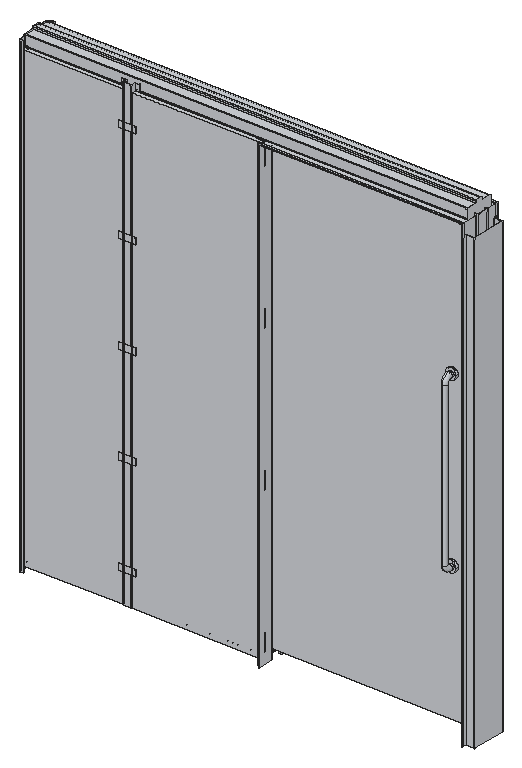
Revit family "BOS-LineaCompact-Sino-olSidW_MW_Familie", category Türen, Revit 2017
Family settings
  Basisbauteil = Wand
  Immer vertikal = Ja
  Beim Laden mit Abzugskörper schneiden = Nein
  Gemeinsam genutzt = Nein
  Raumberechnungspunkt = Ja
Parameters (values of type "olSidW mit ALU 80 BOS Holz")
  Schloßkasten [instance] = yes
  Profil gespiegelt [instance] = DIN links   DIN Left  # no
  Türblatt mittig [instance] = yes
  Stoßgriffdurchmesser [instance] = 24 mm  # constant formula
  Türblatteinstand vorne = 13 mm  # constant formula
  Türblatteinstand hinten = 36 mm  # constant formula
  Türblatt geöffnet in ...% LDB [instance] = ((LDB effektiv Lichte Durchgangs Breite effektiv   Real Clearance Width * Türblatt geöffnet in ...% LDB effektiv) * 100 mm / 100 mm) / LDB Lichte Durchgangs Breite   Clearance Width  # 0
  Türblatt geöffnet in ...% LDB effektiv  Doorleaf opened in ...% Real Clearance Width [instance] = 0
  Variante - Auswahl [instance] = if(Standardmaße, "Standardmaße", "Sondermaße")  # "Standardmaße"
  Türgriffabstand   Door handle offset [instance] = 120 mm
  Türgriff - Auswahl [instance] = if(Stoßgriffe, "Stoßgriffe", "Muschelgriffe")  # "Stoßgriffe"
  Türgriffabstand min. [instance] = 99 mm  # constant formula
  Türgriffabstand max. [instance] = 150 mm  # constant formula
  Türblatt geöffnet in ...% LDB effektiv [instance] = if(Türblatt geöffnet in ...% LDB effektiv  Doorleaf opened in ...% Real Clearance Width < 0, 0, if(Türblatt geöffnet in ...% LDB effektiv  Doorleaf opened in ...% Real Clearance Width > 100, 100, Türblatt geöffnet in ...% LDB effektiv  Doorleaf opened in ...% Real Clearance Width))  # 0
  Spiegel vorne min. = 4 mm  # constant formula
  Spiegel vorne max. = 4 mm  # constant formula
  Spiegel hinten min. = 4 mm  # constant formula
  Spiegel hinten max. = 4 mm  # constant formula
  RNH Rohbau_Nennmaß_Höhe   Nominal Wall Opening Height Measurement [instance] = LDH Lichte Durchgangs Höhe + 68.5 mm + 5 mm  # 2213.5 mm
  RNB rechts [instance] = if(DIN links   DIN Left, RNB Rohbau_Nennmaß_Breite   Nominal Wall Opening Width Measurement - ((LDB Lichte Durchgangs Breite   Clearance Width / 2) + Einfügepunkt), (LDB Lichte Durchgangs Breite   Clearance Width / 2) + Einfügepunkt)  # 521.5 mm
  RNB links [instance] = if(DIN rechts   DIN Right, RNB Rohbau_Nennmaß_Breite   Nominal Wall Opening Width Measurement - ((LDB Lichte Durchgangs Breite   Clearance Width / 2) + Einfügepunkt), (LDB Lichte Durchgangs Breite   Clearance Width / 2) + Einfügepunkt)  # 1598.5 mm
  RNB Rohbau_Nennmaß_Breite   Nominal Wall Opening Width Measurement [instance] = AMB Außenmaß_Breite   Overall Width Measurement + (2 * 5 mm) + 2 mm + 3.5 mm  # 2120 mm
  Putzwinkel min. = 3 mm  # constant formula
  Putzwinkel max. = 3 mm  # constant formula
  Material - Bürstendichtung = none
  Material - Bauplatte = none
  Laufkastenabstand rechts [instance] = if(DIN links   DIN Left, 9 mm, 50 mm)  # 50 mm
  Laufkastenabstand links [instance] = if(DIN rechts   DIN Right, 9 mm, 50 mm)  # 9 mm
  LDH effektiv Lichte Durchgangs Höhe effektiv   Real Clearance Height [instance] = if(Standardmaße, if(Standardmaß LDH effektiv Lichte Durchgangs Höhe effektiv   Standard Real Clearance Height < 2, 1985 mm, 2110 mm), if(Sondermaß LDH effektiv Lichte Durchgangs Höhe effektiv   Special Real Clearance Height < LDH effektiv min., LDH effektiv min., if(Sondermaß LDH effektiv Lichte Durchgangs Höhe effektiv   Special Real Clearance Height > LDH effektiv max., LDH effektiv max., Sondermaß LDH effektiv Lichte Durchgangs Höhe effektiv   Special Real Clearance Height)))  # 2110 mm
  LDH Lichte Durchgangs Höhe [instance] = LDH effektiv Lichte Durchgangs Höhe effektiv   Real Clearance Height + 30 mm  # 2140 mm
  Klemmschutzabstand [instance] = 50 mm  # constant formula
  GT3 min. [instance] = 45.5 mm + Putzwinkel vorne  # 48.5 mm
  GT3 max. [instance] = GT Gesamttiefe_Zarge   Total Profile Depth - 54 mm - GT2 min.  # 103.5 mm
  GT3 Gesamttiefe   Total Profile Depth 3 [instance] = GT Gesamttiefe_Zarge   Total Profile Depth - 54 mm - GT2 Gesamttiefe  # 76 mm
  GT3 Gesamttiefe [instance] = GT3 Gesamttiefe   Total Profile Depth 3  # 76 mm
  GT2 min. [instance] = 45.5 mm + Putzwinkel vorne  # 48.5 mm
  GT2 Gesamttiefe Zarge   Total Profile Depth 2 [instance] = 48.5 mm
  GT2 Gesamttiefe [instance] = if(Türblatt mittig, (GT Gesamttiefe_Zarge   Total Profile Depth - 54 mm) / 2, if(GT2 Gesamttiefe Zarge   Total Profile Depth 2 < GT2 min., GT2 min., if(GT2 Gesamttiefe Zarge   Total Profile Depth 2 > GT2 max., GT2 max., GT2 Gesamttiefe Zarge   Total Profile Depth 2)))  # 76 mm
  GT2 max. [instance] = GT Gesamttiefe_Zarge   Total Profile Depth - 54 mm - GT3 min.  # 103.5 mm
  Material - Türblatt = none
  LDB effektiv Lichte Durchgangs Breite effektiv   Real Clearance Width [instance] = LDB Lichte Durchgangs Breite   Clearance Width - if(Stoßgriffe, [Türblatteinstand (Griff)], 0 mm)  # 754 mm
  Einfügepunkt = 53.5 mm  # constant formula
  Bürstendichtungsabstand [instance] = (LDB Lichte Durchgangs Breite   Clearance Width / 2) + 16 mm  # 484 mm
  Bürstendichtung = Glastürblatt  # no
  Aussteifungsprofilversatz rechts = Einfügepunkt  # 53.5 mm
  Aussteifungsprofilversatz links = -Einfügepunkt  # -53.5 mm
  ALU 100 BOS = or(olSidW mit ALU 100 BOS Holz, olSidW mit ALU 100 BOS Glas)  # no
  ALU 80 BOS = or(olSidW mit ALU 80 BOS Holz, olSidW mit ALU 80 BOS Glas)  # yes
  Profilblechstärke = 2 mm  # constant formula
  Zargenblechstärke = 2 mm  # constant formula
  Türblatteinstand (Griff) [instance] = if(Muschelgriffe, 0 mm, Türgriffabstand + Klemmschutzabstand + Stoßgriffdurchmesser / 2)  # 182 mm
  Türgriffabstand [instance] = if(Türgriffabstand   Door handle offset < Türgriffabstand min., Türgriffabstand min., if(Türgriffabstand   Door handle offset > Türgriffabstand max., Türgriffabstand max., Türgriffabstand   Door handle offset))  # 120 mm
  Türblattreferenz [instance] = if(DIN rechts   DIN Right, [Türblatteinstand (Griff)], LDB Lichte Durchgangs Breite   Clearance Width + Türblatteinstand hinten) + ((LDB Lichte Durchgangs Breite   Clearance Width + Türblatteinstand vorne - [Türblatteinstand (Griff)]) * if(DIN rechts   DIN Right, 100 - Türblatt geöffnet in ...% LDB effektiv, Türblatt geöffnet in ...% LDB effektiv) / 100)  # 949 mm
  Türblattabstand unten [instance] = 10 mm  # constant formula
  TAH Türblatt_Außenmaß_Höhe   Door Leaf Overall Height Measurement [instance] = LDH effektiv Lichte Durchgangs Höhe effektiv   Real Clearance Height  # 2110 mm
  TAH Türblatt Außenmaß Höhe [instance] = TAH Türblatt_Außenmaß_Höhe   Door Leaf Overall Height Measurement  # 2110 mm
  TAB Türblatt_Außenmaß_Breite   Door Leaf Overall Width Measurement [instance] = LDB Lichte Durchgangs Breite   Clearance Width + 49 mm  # 985 mm
  TAB Türblatt Außenmaß Breite [instance] = TAB Türblatt_Außenmaß_Breite   Door Leaf Overall Width Measurement  # 985 mm
  olSidW mit ALU 80 BOS Holz = yes
  Stoßgrifflänge [instance] = 800 mm  # constant formula
  Stoßgriffe [instance] = yes
  Standardmaße [instance] = yes
  Sondermaße [instance] = not(Standardmaße)  # no
  Putzwinkel vorne   Backbend Front [instance] = 3 mm  # constant formula
  Putzwinkel hinten   Backbend Back [instance] = 3 mm  # constant formula
  olSidW mit ALU 80 BOS Glas = no
  olSidW mit ALU 100 BOS Holz = no
  Wandstärke   Wall Thickness [instance] = 200 mm
  Muschelgriffe [instance] = not(Stoßgriffe)  # no
  Material - Türgriff = none
  Material - Laufschiene = none
  Material - Führungszapfen = none
  LDB Lichte Durchgangs Breite   Clearance Width [instance] = if(Standardmaße, if(Standardmaß LDB Lichte Durchgangs Breite   Standard Clearance Width < 2, 561 mm, if(Standardmaß LDB Lichte Durchgangs Breite   Standard Clearance Width = 2, 686 mm, if(Standardmaß LDB Lichte Durchgangs Breite   Standard Clearance Width = 3, 811 mm, if(Standardmaß LDB Lichte Durchgangs Breite   Standard Clearance Width = 4, 936 mm, 1061 mm)))), if(Sondermaß LDB Lichte Durchgangs Breite   Special Clearance Width < LDB min., LDB min., if(Sondermaß LDB Lichte Durchgangs Breite   Special Clearance Width > LDB max., LDB max., Sondermaß LDB Lichte Durchgangs Breite   Special Clearance Width)))  # 936 mm
  Holztürblattstärke = 40 mm  # constant formula
  Holztürblatt = or(olSidW mit ALU 80 BOS Holz, olSidW mit ALU 100 BOS Holz)  # yes
  Glastürblattstärke = 8 mm  # constant formula
  Glastürblatt = or(olSidW mit ALU 80 BOS Glas, olSidW mit ALU 100 BOS Glas)  # no
  URL = "www.BestOfSteel.de/stahlzargen/zargen-fuer-schiebetueren/lineacompact/lineacompact/"
  Türblattstärke [instance] = if(Holztürblatt, Holztürblattstärke, Glastürblattstärke)  # 40 mm
  Spiegel vorne   Architrave Front [instance] = 4 mm  # constant formula
  Spiegel vorne [instance] = if(Spiegel vorne   Architrave Front < Spiegel vorne min., Spiegel vorne min., if(Spiegel vorne   Architrave Front > Spiegel vorne max., Spiegel vorne max., Spiegel vorne   Architrave Front))  # 4 mm
  Spiegel hinten   Architrave Back [instance] = 4 mm  # constant formula
  Spiegel hinten [instance] = if(Spiegel hinten   Architrave Back < Spiegel hinten min., Spiegel hinten min., if(Spiegel hinten   Architrave Back > Spiegel hinten max., Spiegel hinten max., Spiegel hinten   Architrave Back))  # 4 mm
  Rough Height = 0 mm  # constant formula
  Rough Width = 0 mm  # constant formula
  Rechtliche Hinweise [instance] = "www.BestOfSteel.de/tools-downloads/bim-building-information-modeling/"
  Putzwinkel vorne [instance] = if(Putzwinkel vorne   Backbend Front < Putzwinkel min., Putzwinkel min., if(Putzwinkel vorne   Backbend Front > Putzwinkel max., Putzwinkel max., Putzwinkel vorne   Backbend Front))  # 3 mm
  Putzwinkel hinten [instance] = if(Putzwinkel hinten   Backbend Back < Putzwinkel min., Putzwinkel min., if(Putzwinkel hinten   Backbend Back > Putzwinkel max., Putzwinkel max., Putzwinkel hinten   Backbend Back))  # 3 mm
  olSidW mit ALU 100 BOS Glas = no
  Modell = "olSidW mit ALU 80 BOS Holz"
  Material - Zarge = none
  Material = "grundiert, feuerverzinktes Feinblech nach DIN EN 10143"
  MW min. = 145 mm  # constant formula
  MW max. = 330 mm  # constant formula
  MW Maulweite   Receiving Opening [instance] = if(Wandstärke   Wall Thickness < MW min., MW min., if(Wandstärke   Wall Thickness > MW max., MW max., Wandstärke   Wall Thickness))  # 200 mm
  Information in English = no
  Info-Texte sichtbar = yes
  Height [instance] = RNH Rohbau_Nennmaß_Höhe   Nominal Wall Opening Height Measurement  # 2213.5 mm
  Hersteller = "BOS GmbH Best Of Steel, Lütkenfelde 4, D-48282 Emsdetten"
  GT min. [instance] = MW min. + Putzwinkel vorne + Putzwinkel hinten  # 151 mm
  GT max. [instance] = MW max. + Putzwinkel vorne + Putzwinkel hinten  # 336 mm
  GT Gesamttiefe_Zarge   Total Profile Depth [instance] = MW Maulweite   Receiving Opening + Putzwinkel vorne + Putzwinkel hinten  # 206 mm
  MW Fehler [instance] = or(Wandstärke   Wall Thickness < MW min., Wandstärke   Wall Thickness > MW max.)  # no
  Funktion = Innen
  LDH effektiv min. = 1985 mm  # constant formula
  LDH effektiv max. = 2433 mm  # constant formula
  LDB min. = 561 mm  # constant formula
  LDB max. = 1186 mm  # constant formula
  Türgriff DIN rechts [instance] = DIN rechts   DIN Right  # yes
  Türgriff DIN links [instance] = DIN links   DIN Left  # no
  Dicke = 0 mm  # constant formula
  DIN rechts   DIN Right [instance] = yes
  DIN links   DIN Left [instance] = not(DIN rechts   DIN Right)  # no
  DIN Richtung [instance] = if(DIN links   DIN Left, "DIN links", "DIN rechts")  # "DIN rechts"
  Width = 0 mm  # constant formula
  Beschreibung = "Schiebetürzarge für in der Wand laufende Schiebetüren (LineaCompact Sino) für Mauerwerk"
  Bauelement = "BOS Stahlzarge"
  BOS-Architekten-Beratung = "Tel.: +49 (0) 2572 203-203; E-Mail: architekten@BestOfSteel.de"
  BE Bodeneinstand   Foundation Bedding [instance] = 30 mm
  BE Bodeneinstand [instance] = if(BE Bodeneinstand   Foundation Bedding < 0 mm, 0 mm, if(BE Bodeneinstand   Foundation Bedding > BE max., BE max., BE Bodeneinstand   Foundation Bedding))  # 30 mm
  BE max. = 100 mm  # constant formula
  Standardmaß LDH effektiv Lichte Durchgangs Höhe effektiv   Standard Real Clearance Height [instance] = 2
  Sondermaß LDH effektiv Lichte Durchgangs Höhe effektiv   Special Real Clearance Height [instance] = 2110 mm
  Sondermaß LDB Lichte Durchgangs Breite   Special Clearance Width [instance] = 936 mm
  Standardmaß LDB Lichte Durchgangs Breite   Standard Clearance Width [instance] = 4
  Technische Infos rund um die Stahlzarge = "www.BestOfSteel.de/tools-downloads/technische-infos-rund-um-die-stahlzarge/"
  AMH Außenmaß_Höhe   Overall Height Measurement [instance] = LDH Lichte Durchgangs Höhe + 61.5 mm  # 2201.5 mm
  AMB Außenmaß_Breite   Overall Width Measurement [instance] = (2 * LDB Lichte Durchgangs Breite   Clearance Width) + 232.5 mm  # 2104.5 mm
  AK2 rechts [instance] = LDB Lichte Durchgangs Breite   Clearance Width / 2 + if(DIN rechts   DIN Right, 0 mm, 50 mm)  # 468 mm
  AK2 links [instance] = LDB Lichte Durchgangs Breite   Clearance Width / 2 + if(DIN rechts   DIN Right, 50 mm, 0 mm)  # 518 mm
  AK1 rechts [instance] = LDB Lichte Durchgangs Breite   Clearance Width / 2 + if(DIN rechts   DIN Right, 50 mm, 0 mm)  # 518 mm
  AK1 links [instance] = LDB Lichte Durchgangs Breite   Clearance Width / 2 + if(DIN rechts   DIN Right, 0 mm, 50 mm)  # 468 mm
  2. Profil für Bauplatten [instance] = LDB Lichte Durchgangs Breite   Clearance Width > 1061 mm  # no
  1. Profil für Bauplatten [instance] = 1 < 2  # yes
Reference planes
  plane 1 "Wand": y = 0
  plane 2 "Mitte (Links/rechts)": x = 125
  plane 3 "Hinten": y = 100
  plane 4 "Vorne": y = -100
  plane 5 "RRB links": x = -1473.5
  plane 6 "RRB rechts": x = 646.5
  plane 7 "RRH oben": z = 2213.5
  plane 8 "BE": z = -30
  plane 9 "LDH oben": z = 2140
  plane 10 "BE max.": z = -100
  plane 11 "LDB links": x = -343
  plane 12 "LDB rechts": x = 593
  plane 13 "+41": z = 2181
  plane 14: z = 70
  plane 15: z = 743.333
  plane 16: z = 1416.667
  plane 17: z = 2090
  plane 18: z = 150
  plane 19: z = 610
  plane 20: z = 1070
  plane 21: z = 1530
  plane 22: z = 1990
Forms (mm)
  Sweep 1, void
    path origin (0, -100, 0) x (-1, 0, 0) y (0, 0, 1)
      loop
        line (-125, 0) -> (-125, 2142)
    profile "BOS-AK-olSidW-MW_Profil : BOS-AK-olSidW-MW_Profil" origin (125, -100, 1071) x (1, 0, 0) y (0, 1, 0)
      loop
        line (470, 130) -> (470, 193) -> (472, 193) -> (475, 200) -> (-475, 200) -> (-472, 193) -> (-472, 190)
        arc (-472, 190) -> (-472.293, 189.293) -> (-473, 189) r 1
        line (-473, 189) -> (-485, 189) -> (-485, 187) -> (-1571.468, 187) -> (-1571.468, 189) -> (-1588.468, 189)
        arc (-1588.468, 189) -> (-1590.589, 188.121) -> (-1591.468, 186) r 3
        line (-1591.468, 186) -> (-1591.468, 14)
        arc (-1591.468, 14) -> (-1590.589, 11.879) -> (-1588.468, 11) r 3
        line (-1588.468, 11) -> (-1571.468, 11) -> (-1571.468, 13) -> (-485, 13) -> (-485, 11) -> (-473, 11)
        arc (-473, 11) -> (-472.293, 10.707) -> (-472, 10) r 1
        line (-472, 10) -> (-472, 7) -> (-475, 0) -> (475, 0) -> (472, 7) -> (470, 7) -> (470, 70)
        arc (470, 70) -> (470.293, 70.707) -> (471, 71) r 1
        line (471, 71) -> (482, 71)
        arc (482, 71) -> (484.121, 71.879) -> (485, 74) r 3
        line (485, 74) -> (485, 126)
        arc (485, 126) -> (484.121, 128.121) -> (482, 129) r 3
        line (482, 129) -> (471, 129)
        arc (471, 129) -> (470.293, 129.293) -> (470, 130) r 1
  Sweep 2, solid, material <- "Material - Zarge", detail levels fine
    path origin (0, -100, 0) x (-1, 0, 0) y (0, 0, 1)
      loop
        line (-125, 0) -> (-125, 2171)
    profile "BOS-Profil-Bauplatten-(o)lSidW-MW_Profil : BOS-Profil-Bauplatten-(o)lSidW-MW-1_Profil" origin (125, -100, 1085.5) x (1, 0, 0) y (0, 1, 0)
      loop
        arc (-1073, 35) -> (-1075.121, 34.121) -> (-1076, 32) r 3
        line (-1076, 32) -> (-1076, 16)
        arc (-1076, 16) -> (-1076.293, 15.293) -> (-1077, 15) r 1
        line (-1077, 15) -> (-1111, 15)
        arc (-1111, 15) -> (-1111.707, 15.293) -> (-1112, 16) r 1
        line (-1112, 16) -> (-1112, 32)
        arc (-1112, 32) -> (-1112.879, 34.121) -> (-1115, 35) r 3
        line (-1115, 35) -> (-1134, 35) -> (-1134, 33) -> (-1115, 33)
        arc (-1115, 33) -> (-1114.293, 32.707) -> (-1114, 32) r 1
        line (-1114, 32) -> (-1114, 16)
        arc (-1114, 16) -> (-1113.121, 13.879) -> (-1111, 13) r 3
        line (-1111, 13) -> (-1077, 13)
        arc (-1077, 13) -> (-1074.879, 13.879) -> (-1074, 16) r 3
        line (-1074, 16) -> (-1074, 32)
        arc (-1074, 32) -> (-1073.707, 32.707) -> (-1073, 33) r 1
        line (-1073, 33) -> (-1054, 33) -> (-1054, 35) -> (-1073, 35)
      loop
        arc (-1076, 168) -> (-1075.121, 165.879) -> (-1073, 165) r 3
        line (-1073, 165) -> (-1054, 165) -> (-1054, 167) -> (-1073, 167)
        arc (-1073, 167) -> (-1073.707, 167.293) -> (-1074, 168) r 1
        line (-1074, 168) -> (-1074, 184)
        arc (-1074, 184) -> (-1074.879, 186.121) -> (-1077, 187) r 3
        line (-1077, 187) -> (-1111, 187)
        arc (-1111, 187) -> (-1113.121, 186.121) -> (-1114, 184) r 3
        line (-1114, 184) -> (-1114, 168)
        arc (-1114, 168) -> (-1114.293, 167.293) -> (-1115, 167) r 1
        line (-1115, 167) -> (-1134, 167) -> (-1134, 165) -> (-1115, 165)
        arc (-1115, 165) -> (-1112.879, 165.879) -> (-1112, 168) r 3
        line (-1112, 168) -> (-1112, 184)
        arc (-1112, 184) -> (-1111.707, 184.707) -> (-1111, 185) r 1
        line (-1111, 185) -> (-1077, 185)
        arc (-1077, 185) -> (-1076.293, 184.707) -> (-1076, 184) r 1
        line (-1076, 184) -> (-1076, 168)
  Sweep 3, solid, material <- "Material - Zarge", detail levels fine
    path origin (0, -100, 0) x (-1, 0, 0) y (0, 0, 1)
      loop
        line (-125, -30) -> (-125, 2181)
    profile "BOS-Ständerprofil-(o)lSidW-MW_Profil : BOS-Ständerprofil-(o)lSidW-MW_Profil" origin (125, -100, 1075.5) x (1, 0, 0) y (0, 1, 0)
      loop
        arc (-1588.5, 189) -> (-1590.621, 188.121) -> (-1591.5, 186) r 3
        line (-1591.5, 186) -> (-1591.5, 14)
        arc (-1591.5, 14) -> (-1590.621, 11.879) -> (-1588.5, 11) r 3
        line (-1588.5, 11) -> (-1571.5, 11) -> (-1571.5, 13) -> (-1588.5, 13)
        arc (-1588.5, 13) -> (-1589.207, 13.293) -> (-1589.5, 14) r 1
        line (-1589.5, 14) -> (-1589.5, 186)
        arc (-1589.5, 186) -> (-1589.207, 186.707) -> (-1588.5, 187) r 1
        line (-1588.5, 187) -> (-1571.5, 187) -> (-1571.5, 189) -> (-1588.5, 189)
  Sweep 4, solid, material <- "Material - Zarge", detail levels medium+fine
    path origin (0, -100, 0) x (-1, 0, 0) y (0, 0, 1)
      loop
        line (343, -30) -> (343, 2140) -> (-593, 2140) -> (-593, -30)
    profile "BOS-olSidW-MW_Profil : BOS-olSidW-MW_Profil" origin (-343, -100, 1055) x (1, 0, 0) y (0, 1, 0)
      loop
        line (0, 130) -> (0, 200.984)
        arc (0, 200.984) -> (-2, 202.984) -> (-4, 200.984) r 2
        line (-4, 200.984) -> (-4, 190.002)
        arc (-4, 190.002) -> (-4.293, 189.295) -> (-5, 189.002) r 1
        line (-5, 189.002) -> (-17, 189.002) -> (-17, 187.002) -> (-5, 187.002)
        arc (-5, 187.002) -> (-2.879, 187.881) -> (-2, 190.002) r 3
        line (-2, 190.002) -> (-2, 130)
        arc (-2, 130) -> (-2.293, 129.293) -> (-3, 129) r 1
        line (-3, 129) -> (-14, 129)
        arc (-14, 129) -> (-16.121, 128.121) -> (-17, 126) r 3
        line (-17, 126) -> (-17, 74)
        arc (-17, 74) -> (-16.121, 71.879) -> (-14, 71) r 3
        line (-14, 71) -> (-3, 71)
        arc (-3, 71) -> (-2.293, 70.707) -> (-2, 70) r 1
        line (-2, 70) -> (-2, 10.002)
        arc (-2, 10.002) -> (-2.879, 12.123) -> (-5, 13.002) r 3
        line (-5, 13.002) -> (-17, 13.002) -> (-17, 11.002) -> (-5, 11.002)
        arc (-5, 11.002) -> (-4.293, 10.709) -> (-4, 10.002) r 1
        line (-4, 10.002) -> (-4, -1)
        arc (-4, -1) -> (-2, -3) -> (0, -1) r 2
        line (0, -1) -> (0, 70)
        arc (0, 70) -> (-0.879, 72.121) -> (-3, 73) r 3
        line (-3, 73) -> (-14, 73)
        arc (-14, 73) -> (-14.707, 73.293) -> (-15, 74) r 1
        line (-15, 74) -> (-15, 126)
        arc (-15, 126) -> (-14.707, 126.707) -> (-14, 127) r 1
        line (-14, 127) -> (-3, 127)
        arc (-3, 127) -> (-0.879, 127.879) -> (0, 130) r 3
  Sweep 5, void
    path origin (0, -30.348, 2140) x (-1, 0, 0) y (0, -1, 0)
      loop
        line (1464.5, -30.348) -> (-596.5, -30.348)
    profile "BOS-AK-Laufkasten-(o)lSidW-MW_Profil : BOS-AK-Laufkasten-(o)lSidW-MW_Profil" origin (-434, 0, 2140) x (0, 1, 0) y (0, 0, 1)
      loop
        arc (65, 47.5) -> (64.121, 49.621) -> (62, 50.5) r 3
        line (62, 50.5) -> (15, 50.5) -> (15, 60.5)
        arc (15, 60.5) -> (14.121, 62.621) -> (12, 63.5) r 3
        line (12, 63.5) -> (-12, 63.5)
        arc (-12, 63.5) -> (-14.121, 62.621) -> (-15, 60.5) r 3
        line (-15, 60.5) -> (-15, 50.5) -> (-62, 50.5)
        arc (-62, 50.5) -> (-64.121, 49.621) -> (-65, 47.5) r 3
        line (-65, 47.5) -> (-65, 5)
        arc (-65, 5) -> (-64.121, 2.879) -> (-62, 2) r 3
        line (-62, 2) -> (62, 2)
        arc (62, 2) -> (64.121, 2.879) -> (65, 5) r 3
        line (65, 5) -> (65, 47.5)
  Sweep 6, solid, material <- "Material - Zarge", detail levels fine
    path origin (0, -100, 0) x (-1, 0, 0) y (0, 0, 1)
      loop
        line (-125, 20) -> (-125, 120)
    profile "BOS-Verstärkungsprofile-olSidW_Profil : BOS-Verstärkungsprofile-olSidW_Profil" origin (125, -100, 70) x (1, 0, 0) y (0, 1, 0)
      loop
        arc (-1588.5, 168) -> (-1587.621, 165.879) -> (-1585.5, 165) r 3
        line (-1585.5, 165) -> (-1570.5, 165)
        arc (-1570.5, 165) -> (-1569.793, 164.707) -> (-1569.5, 164) r 1
        line (-1569.5, 164) -> (-1569.5, 36)
        arc (-1569.5, 36) -> (-1569.793, 35.293) -> (-1570.5, 35) r 1
        line (-1570.5, 35) -> (-1585.5, 35)
        arc (-1585.5, 35) -> (-1587.621, 34.121) -> (-1588.5, 32) r 3
        line (-1588.5, 32) -> (-1588.5, 13) -> (-1586.5, 13) -> (-1586.5, 32)
        arc (-1586.5, 32) -> (-1586.207, 32.707) -> (-1585.5, 33) r 1
        line (-1585.5, 33) -> (-1570.5, 33)
        arc (-1570.5, 33) -> (-1568.379, 33.879) -> (-1567.5, 36) r 3
        line (-1567.5, 36) -> (-1567.5, 164)
        arc (-1567.5, 164) -> (-1568.379, 166.121) -> (-1570.5, 167) r 3
        line (-1570.5, 167) -> (-1585.5, 167)
        arc (-1585.5, 167) -> (-1586.207, 167.293) -> (-1586.5, 168) r 1
        line (-1586.5, 168) -> (-1586.5, 187) -> (-1588.5, 187) -> (-1588.5, 168)
      loop
        arc (-470, 32) -> (-470.879, 34.121) -> (-473, 35) r 3
        line (-473, 35) -> (-510, 35) -> (-510, 33) -> (-473, 33)
        arc (-473, 33) -> (-472.293, 32.707) -> (-472, 32) r 1
        line (-472, 32) -> (-472, 13) -> (-470, 13) -> (-470, 32)
      loop
        arc (-473, 165) -> (-470.879, 165.879) -> (-470, 168) r 3
        line (-470, 168) -> (-470, 187) -> (-472, 187) -> (-472, 168)
        arc (-472, 168) -> (-472.293, 167.293) -> (-473, 167) r 1
        line (-473, 167) -> (-510, 167) -> (-510, 165) -> (-473, 165)
  Sweep 7, solid, material <- "Material - Zarge", detail levels fine
    path origin (0, -100, 0) x (-1, 0, 0) y (0, 0, 1)
      loop
        line (-125, 693.333) -> (-125, 793.333)
    profile "BOS-Verstärkungsprofile-olSidW_Profil : BOS-Verstärkungsprofile-olSidW_Profil" origin (125, -100, 743.333) x (1, 0, 0) y (0, 1, 0)
      loop
        arc (-1588.5, 168) -> (-1587.621, 165.879) -> (-1585.5, 165) r 3
        line (-1585.5, 165) -> (-1570.5, 165)
        arc (-1570.5, 165) -> (-1569.793, 164.707) -> (-1569.5, 164) r 1
        line (-1569.5, 164) -> (-1569.5, 36)
        arc (-1569.5, 36) -> (-1569.793, 35.293) -> (-1570.5, 35) r 1
        line (-1570.5, 35) -> (-1585.5, 35)
        arc (-1585.5, 35) -> (-1587.621, 34.121) -> (-1588.5, 32) r 3
        line (-1588.5, 32) -> (-1588.5, 13) -> (-1586.5, 13) -> (-1586.5, 32)
        arc (-1586.5, 32) -> (-1586.207, 32.707) -> (-1585.5, 33) r 1
        line (-1585.5, 33) -> (-1570.5, 33)
        arc (-1570.5, 33) -> (-1568.379, 33.879) -> (-1567.5, 36) r 3
        line (-1567.5, 36) -> (-1567.5, 164)
        arc (-1567.5, 164) -> (-1568.379, 166.121) -> (-1570.5, 167) r 3
        line (-1570.5, 167) -> (-1585.5, 167)
        arc (-1585.5, 167) -> (-1586.207, 167.293) -> (-1586.5, 168) r 1
        line (-1586.5, 168) -> (-1586.5, 187) -> (-1588.5, 187) -> (-1588.5, 168)
      loop
        arc (-470, 32) -> (-470.879, 34.121) -> (-473, 35) r 3
        line (-473, 35) -> (-510, 35) -> (-510, 33) -> (-473, 33)
        arc (-473, 33) -> (-472.293, 32.707) -> (-472, 32) r 1
        line (-472, 32) -> (-472, 13) -> (-470, 13) -> (-470, 32)
      loop
        arc (-473, 165) -> (-470.879, 165.879) -> (-470, 168) r 3
        line (-470, 168) -> (-470, 187) -> (-472, 187) -> (-472, 168)
        arc (-472, 168) -> (-472.293, 167.293) -> (-473, 167) r 1
        line (-473, 167) -> (-510, 167) -> (-510, 165) -> (-473, 165)
  Sweep 8, solid, material <- "Material - Zarge", detail levels fine
    path origin (0, -100, 0) x (-1, 0, 0) y (0, 0, 1)
      loop
        line (-125, 1366.667) -> (-125, 1466.667)
    profile "BOS-Verstärkungsprofile-olSidW_Profil : BOS-Verstärkungsprofile-olSidW_Profil" origin (125, -100, 1416.667) x (1, 0, 0) y (0, 1, 0)
      loop
        arc (-1588.5, 168) -> (-1587.621, 165.879) -> (-1585.5, 165) r 3
        line (-1585.5, 165) -> (-1570.5, 165)
        arc (-1570.5, 165) -> (-1569.793, 164.707) -> (-1569.5, 164) r 1
        line (-1569.5, 164) -> (-1569.5, 36)
        arc (-1569.5, 36) -> (-1569.793, 35.293) -> (-1570.5, 35) r 1
        line (-1570.5, 35) -> (-1585.5, 35)
        arc (-1585.5, 35) -> (-1587.621, 34.121) -> (-1588.5, 32) r 3
        line (-1588.5, 32) -> (-1588.5, 13) -> (-1586.5, 13) -> (-1586.5, 32)
        arc (-1586.5, 32) -> (-1586.207, 32.707) -> (-1585.5, 33) r 1
        line (-1585.5, 33) -> (-1570.5, 33)
        arc (-1570.5, 33) -> (-1568.379, 33.879) -> (-1567.5, 36) r 3
        line (-1567.5, 36) -> (-1567.5, 164)
        arc (-1567.5, 164) -> (-1568.379, 166.121) -> (-1570.5, 167) r 3
        line (-1570.5, 167) -> (-1585.5, 167)
        arc (-1585.5, 167) -> (-1586.207, 167.293) -> (-1586.5, 168) r 1
        line (-1586.5, 168) -> (-1586.5, 187) -> (-1588.5, 187) -> (-1588.5, 168)
      loop
        arc (-470, 32) -> (-470.879, 34.121) -> (-473, 35) r 3
        line (-473, 35) -> (-510, 35) -> (-510, 33) -> (-473, 33)
        arc (-473, 33) -> (-472.293, 32.707) -> (-472, 32) r 1
        line (-472, 32) -> (-472, 13) -> (-470, 13) -> (-470, 32)
      loop
        arc (-473, 165) -> (-470.879, 165.879) -> (-470, 168) r 3
        line (-470, 168) -> (-470, 187) -> (-472, 187) -> (-472, 168)
        arc (-472, 168) -> (-472.293, 167.293) -> (-473, 167) r 1
        line (-473, 167) -> (-510, 167) -> (-510, 165) -> (-473, 165)
  Sweep 9, solid, material <- "Material - Zarge", detail levels fine
    path origin (0, -100, -120) x (-1, 0, 0) y (0, 0, 1)
      loop
        line (-125, 2160) -> (-125, 2260)
    profile "BOS-Verstärkungsprofile-olSidW_Profil : BOS-Verstärkungsprofile-olSidW_Profil" origin (125, -100, 2090) x (1, 0, 0) y (0, 1, 0)
      loop
        arc (-1588.5, 168) -> (-1587.621, 165.879) -> (-1585.5, 165) r 3
        line (-1585.5, 165) -> (-1570.5, 165)
        arc (-1570.5, 165) -> (-1569.793, 164.707) -> (-1569.5, 164) r 1
        line (-1569.5, 164) -> (-1569.5, 36)
        arc (-1569.5, 36) -> (-1569.793, 35.293) -> (-1570.5, 35) r 1
        line (-1570.5, 35) -> (-1585.5, 35)
        arc (-1585.5, 35) -> (-1587.621, 34.121) -> (-1588.5, 32) r 3
        line (-1588.5, 32) -> (-1588.5, 13) -> (-1586.5, 13) -> (-1586.5, 32)
        arc (-1586.5, 32) -> (-1586.207, 32.707) -> (-1585.5, 33) r 1
        line (-1585.5, 33) -> (-1570.5, 33)
        arc (-1570.5, 33) -> (-1568.379, 33.879) -> (-1567.5, 36) r 3
        line (-1567.5, 36) -> (-1567.5, 164)
        arc (-1567.5, 164) -> (-1568.379, 166.121) -> (-1570.5, 167) r 3
        line (-1570.5, 167) -> (-1585.5, 167)
        arc (-1585.5, 167) -> (-1586.207, 167.293) -> (-1586.5, 168) r 1
        line (-1586.5, 168) -> (-1586.5, 187) -> (-1588.5, 187) -> (-1588.5, 168)
      loop
        arc (-470, 32) -> (-470.879, 34.121) -> (-473, 35) r 3
        line (-473, 35) -> (-510, 35) -> (-510, 33) -> (-473, 33)
        arc (-473, 33) -> (-472.293, 32.707) -> (-472, 32) r 1
        line (-472, 32) -> (-472, 13) -> (-470, 13) -> (-470, 32)
      loop
        arc (-473, 165) -> (-470.879, 165.879) -> (-470, 168) r 3
        line (-470, 168) -> (-470, 187) -> (-472, 187) -> (-472, 168)
        arc (-472, 168) -> (-472.293, 167.293) -> (-473, 167) r 1
        line (-473, 167) -> (-510, 167) -> (-510, 165) -> (-473, 165)
  Sweep 10, solid, material <- "Material - Zarge", visible <- "2. Profil für Bauplatten", detail levels fine
    path origin (0, -100, 0) x (-1, 0, 0) y (0, 0, 1)
      loop
        line (-125, 0) -> (-125, 2171)
    profile "BOS-Profil-Bauplatten-(o)lSidW-MW_Profil : BOS-Profil-Bauplatten-(o)lSidW-MW-2_Profil" origin (125, -100, 1085.5) x (1, 0, 0) y (0, 1, 0)
      loop
        arc (-1584.5, 35) -> (-1586.621, 34.121) -> (-1587.5, 32) r 3
        line (-1587.5, 32) -> (-1587.5, 16)
        arc (-1587.5, 16) -> (-1587.793, 15.293) -> (-1588.5, 15) r 1
        line (-1588.5, 15) -> (-1622.5, 15)
        arc (-1622.5, 15) -> (-1623.207, 15.293) -> (-1623.5, 16) r 1
        line (-1623.5, 16) -> (-1623.5, 32)
        arc (-1623.5, 32) -> (-1624.379, 34.121) -> (-1626.5, 35) r 3
        line (-1626.5, 35) -> (-1645.5, 35) -> (-1645.5, 33) -> (-1626.5, 33)
        arc (-1626.5, 33) -> (-1625.793, 32.707) -> (-1625.5, 32) r 1
        line (-1625.5, 32) -> (-1625.5, 16)
        arc (-1625.5, 16) -> (-1624.621, 13.879) -> (-1622.5, 13) r 3
        line (-1622.5, 13) -> (-1588.5, 13)
        arc (-1588.5, 13) -> (-1586.379, 13.879) -> (-1585.5, 16) r 3
        line (-1585.5, 16) -> (-1585.5, 32)
        arc (-1585.5, 32) -> (-1585.207, 32.707) -> (-1584.5, 33) r 1
        line (-1584.5, 33) -> (-1565.5, 33) -> (-1565.5, 35) -> (-1584.5, 35)
      loop
        arc (-1587.5, 168) -> (-1586.621, 165.879) -> (-1584.5, 165) r 3
        line (-1584.5, 165) -> (-1565.5, 165) -> (-1565.5, 167) -> (-1584.5, 167)
        arc (-1584.5, 167) -> (-1585.207, 167.293) -> (-1585.5, 168) r 1
        line (-1585.5, 168) -> (-1585.5, 184)
        arc (-1585.5, 184) -> (-1586.379, 186.121) -> (-1588.5, 187) r 3
        line (-1588.5, 187) -> (-1622.5, 187)
        arc (-1622.5, 187) -> (-1624.621, 186.121) -> (-1625.5, 184) r 3
        line (-1625.5, 184) -> (-1625.5, 168)
        arc (-1625.5, 168) -> (-1625.793, 167.293) -> (-1626.5, 167) r 1
        line (-1626.5, 167) -> (-1645.5, 167) -> (-1645.5, 165) -> (-1626.5, 165)
        arc (-1626.5, 165) -> (-1624.379, 165.879) -> (-1623.5, 168) r 3
        line (-1623.5, 168) -> (-1623.5, 184)
        arc (-1623.5, 184) -> (-1623.207, 184.707) -> (-1622.5, 185) r 1
        line (-1622.5, 185) -> (-1588.5, 185)
        arc (-1588.5, 185) -> (-1587.793, 184.707) -> (-1587.5, 184) r 1
        line (-1587.5, 184) -> (-1587.5, 168)
  Sweep 11, solid, material <- "Material - Zarge", detail levels fine
    path origin (0, -100, 0) x (-1, 0, 0) y (0, 0, 1)
      loop
        line (-125, 135) -> (-125, 165)
    profile "BOS-Propelleranker-Bauplatten-(o)lSidW-MW_Profil : BOS-Propelleranker-Bauplatten-(o)lSidW-MW-1_Profil" origin (125, -100, 150) x (1, 0, 0) y (0, 1, 0)
      loop
        line (-1054, 188.5) -> (-1134, 188.5) -> (-1134, 187) -> (-1054, 187) -> (-1054, 188.5)
      loop
        line (-1054, 11.5) -> (-1054, 13) -> (-1134, 13) -> (-1134, 11.5) -> (-1054, 11.5)
  Sweep 12, solid, material <- "Material - Zarge", detail levels fine
    path origin (0, -100, 0) x (-1, 0, 0) y (0, 0, 1)
      loop
        line (-125, 1055) -> (-125, 1085)
    profile "BOS-Propelleranker-Bauplatten-(o)lSidW-MW_Profil : BOS-Propelleranker-Bauplatten-(o)lSidW-MW-1_Profil" origin (125, -100, 1070) x (1, 0, 0) y (0, 1, 0)
      loop
        line (-1054, 188.5) -> (-1134, 188.5) -> (-1134, 187) -> (-1054, 187) -> (-1054, 188.5)
      loop
        line (-1054, 11.5) -> (-1054, 13) -> (-1134, 13) -> (-1134, 11.5) -> (-1054, 11.5)
  Sweep 13, solid, material <- "Material - Zarge", detail levels fine
    path origin (0, -100, 0) x (-1, 0, 0) y (0, 0, 1)
      loop
        line (-125, 1515) -> (-125, 1545)
    profile "BOS-Propelleranker-Bauplatten-(o)lSidW-MW_Profil : BOS-Propelleranker-Bauplatten-(o)lSidW-MW-1_Profil" origin (125, -100, 1530) x (1, 0, 0) y (0, 1, 0)
      loop
        line (-1054, 188.5) -> (-1134, 188.5) -> (-1134, 187) -> (-1054, 187) -> (-1054, 188.5)
      loop
        line (-1054, 11.5) -> (-1054, 13) -> (-1134, 13) -> (-1134, 11.5) -> (-1054, 11.5)
  Sweep 14, solid, material <- "Material - Zarge", detail levels fine
    path origin (0, -100, 0) x (-1, 0, 0) y (0, 0, 1)
      loop
        line (-125, 1975) -> (-125, 2005)
    profile "BOS-Propelleranker-Bauplatten-(o)lSidW-MW_Profil : BOS-Propelleranker-Bauplatten-(o)lSidW-MW-1_Profil" origin (125, -100, 1990) x (1, 0, 0) y (0, 1, 0)
      loop
        line (-1054, 188.5) -> (-1134, 188.5) -> (-1134, 187) -> (-1054, 187) -> (-1054, 188.5)
      loop
        line (-1054, 11.5) -> (-1054, 13) -> (-1134, 13) -> (-1134, 11.5) -> (-1054, 11.5)
  Sweep 15, solid, material <- "Material - Zarge", detail levels fine
    path origin (0, -100, 0) x (-1, 0, 0) y (0, 0, 1)
      loop
        line (-125, 595) -> (-125, 625)
    profile "BOS-Propelleranker-Bauplatten-(o)lSidW-MW_Profil : BOS-Propelleranker-Bauplatten-(o)lSidW-MW-1_Profil" origin (125, -100, 610) x (1, 0, 0) y (0, 1, 0)
      loop
        line (-1054, 188.5) -> (-1134, 188.5) -> (-1134, 187) -> (-1054, 187) -> (-1054, 188.5)
      loop
        line (-1054, 11.5) -> (-1054, 13) -> (-1134, 13) -> (-1134, 11.5) -> (-1054, 11.5)
  Sweep 16, solid, material <- "Material - Zarge", visible <- "2. Profil für Bauplatten", detail levels fine
    path origin (0, -100, 0) x (-1, 0, 0) y (0, 0, 1)
      loop
        line (-125, 135) -> (-125, 165)
    profile "BOS-Propelleranker-Bauplatten-(o)lSidW-MW_Profil : BOS-Propelleranker-Bauplatten-(o)lSidW-MW-2_Profil" origin (125, -100, 150) x (1, 0, 0) y (0, 1, 0)
      loop
        line (-1565.5, 188.5) -> (-1645.5, 188.5) -> (-1645.5, 187) -> (-1565.5, 187) -> (-1565.5, 188.5)
      loop
        line (-1565.5, 11.5) -> (-1565.5, 13) -> (-1645.5, 13) -> (-1645.5, 11.5) -> (-1565.5, 11.5)
  Sweep 17, solid, material <- "Material - Zarge", visible <- "2. Profil für Bauplatten", detail levels fine
    path origin (0, -100, 0) x (-1, 0, 0) y (0, 0, 1)
      loop
        line (-125, 595) -> (-125, 625)
    profile "BOS-Propelleranker-Bauplatten-(o)lSidW-MW_Profil : BOS-Propelleranker-Bauplatten-(o)lSidW-MW-2_Profil" origin (125, -100, 610) x (1, 0, 0) y (0, 1, 0)
      loop
        line (-1565.5, 188.5) -> (-1645.5, 188.5) -> (-1645.5, 187) -> (-1565.5, 187) -> (-1565.5, 188.5)
      loop
        line (-1565.5, 11.5) -> (-1565.5, 13) -> (-1645.5, 13) -> (-1645.5, 11.5) -> (-1565.5, 11.5)
  Sweep 18, solid, material <- "Material - Zarge", visible <- "2. Profil für Bauplatten", detail levels fine
    path origin (0, -100, 0) x (-1, 0, 0) y (0, 0, 1)
      loop
        line (-125, 1055) -> (-125, 1085)
    profile "BOS-Propelleranker-Bauplatten-(o)lSidW-MW_Profil : BOS-Propelleranker-Bauplatten-(o)lSidW-MW-2_Profil" origin (125, -100, 1070) x (1, 0, 0) y (0, 1, 0)
      loop
        line (-1565.5, 188.5) -> (-1645.5, 188.5) -> (-1645.5, 187) -> (-1565.5, 187) -> (-1565.5, 188.5)
      loop
        line (-1565.5, 11.5) -> (-1565.5, 13) -> (-1645.5, 13) -> (-1645.5, 11.5) -> (-1565.5, 11.5)
  Sweep 19, solid, material <- "Material - Zarge", visible <- "2. Profil für Bauplatten", detail levels fine
    path origin (0, -100, 0) x (-1, 0, 0) y (0, 0, 1)
      loop
        line (-125, 1515) -> (-125, 1545)
    profile "BOS-Propelleranker-Bauplatten-(o)lSidW-MW_Profil : BOS-Propelleranker-Bauplatten-(o)lSidW-MW-2_Profil" origin (125, -100, 1530) x (1, 0, 0) y (0, 1, 0)
      loop
        line (-1565.5, 188.5) -> (-1645.5, 188.5) -> (-1645.5, 187) -> (-1565.5, 187) -> (-1565.5, 188.5)
      loop
        line (-1565.5, 11.5) -> (-1565.5, 13) -> (-1645.5, 13) -> (-1645.5, 11.5) -> (-1565.5, 11.5)
  Sweep 20, solid, material <- "Material - Zarge", visible <- "2. Profil für Bauplatten", detail levels fine
    path origin (0, -100, 0) x (-1, 0, 0) y (0, 0, 1)
      loop
        line (-125, 1975) -> (-125, 2005)
    profile "BOS-Propelleranker-Bauplatten-(o)lSidW-MW_Profil : BOS-Propelleranker-Bauplatten-(o)lSidW-MW-2_Profil" origin (125, -100, 1990) x (1, 0, 0) y (0, 1, 0)
      loop
        line (-1565.5, 188.5) -> (-1645.5, 188.5) -> (-1645.5, 187) -> (-1565.5, 187) -> (-1565.5, 188.5)
      loop
        line (-1565.5, 11.5) -> (-1565.5, 13) -> (-1645.5, 13) -> (-1645.5, 11.5) -> (-1565.5, 11.5)
  Sweep 21, void
    path origin (0, -100, 0) x (-1, 0, 0) y (0, 0, 1)
      loop
        line (343, -30) -> (343, 2140) -> (-643, 2140) -> (-643, -30)
    profile origin (-343, -100, 1055) x (1, 0, 0) y (0, 1, 0)
      loop
        line (-17, 129) -> (-17, 71) -> (-15, 71) -> (-15, 73) -> (-14, 73) -> (-14, 127) -> (-15, 127) -> (-15, 129) -> (-17, 129)
  Sweep 22, void
    path origin (0, -100, 0) x (-1, 0, 0) y (0, 0, 1)
      loop
        line (-593, -30) -> (-593, 2140) -> (393, 2140) -> (393, -30)
    profile origin (593, -100, 1055) x (1, 0, 0) y (0, 1, 0)
      loop
        line (2, 193) -> (2, 186) -> (17, 186) -> (17, 14) -> (2, 14) -> (2, 7) -> (23, 7) -> (23, 193) -> (2, 193)
  Sweep 23, solid, material <- "Material - Zarge", visible <- "DIN links   DIN Left", detail levels fine
    path origin (0, -100, 0) x (-1, 0, 0) y (0, 0, 1)
      loop
        line (343, -30) -> (343, 2090)
    profile "BOS-osd-Aussteifungsprofil_Profil : BOS-osd-Aussteifungsprofil_Profil" origin (-343, -100, 1030) x (1, 0, 0) y (0, 1, 0)
      loop
        line (-4, 17) -> (-4, 7) -> (-2, 7) -> (-2, 17)
        arc (-2, 17) -> (-2.879, 19.121) -> (-5, 20) r 3
        line (-5, 20) -> (-42, 20)
        arc (-42, 20) -> (-42.707, 20.293) -> (-43, 21) r 1
        line (-43, 21) -> (-43, 179)
        arc (-43, 179) -> (-42.707, 179.707) -> (-42, 180) r 1
        line (-42, 180) -> (-5, 180)
        arc (-5, 180) -> (-2.879, 180.879) -> (-2, 183) r 3
        line (-2, 183) -> (-2, 193) -> (-4, 193) -> (-4, 183)
        arc (-4, 183) -> (-4.293, 182.293) -> (-5, 182) r 1
        line (-5, 182) -> (-42, 182)
        arc (-42, 182) -> (-44.121, 181.121) -> (-45, 179) r 3
        line (-45, 179) -> (-45, 21)
        arc (-45, 21) -> (-44.121, 18.879) -> (-42, 18) r 3
        line (-42, 18) -> (-5, 18)
        arc (-5, 18) -> (-4.293, 17.707) -> (-4, 17) r 1
  Sweep 24, solid, material <- "Material - Zarge", visible <- "DIN rechts   DIN Right", detail levels fine
    path origin (0, -100, 0) x (-1, 0, 0) y (0, 0, 1)
      loop
        line (-593, -30) -> (-593, 2090)
    profile "BOS-osd-Aussteifungsprofil_Profil : BOS-osd-Aussteifungsprofil_Profil" origin (593, -100, 1030) x (1, 0, 0) y (0, 1, 0)
      loop
        arc (4, 17) -> (4.293, 17.707) -> (5, 18) r 1
        line (5, 18) -> (42, 18)
        arc (42, 18) -> (44.121, 18.879) -> (45, 21) r 3
        line (45, 21) -> (45, 179)
        arc (45, 179) -> (44.121, 181.121) -> (42, 182) r 3
        line (42, 182) -> (5, 182)
        arc (5, 182) -> (4.293, 182.293) -> (4, 183) r 1
        line (4, 183) -> (4, 193) -> (2, 193) -> (2, 183)
        arc (2, 183) -> (2.879, 180.879) -> (5, 180) r 3
        line (5, 180) -> (42, 180)
        arc (42, 180) -> (42.707, 179.707) -> (43, 179) r 1
        line (43, 179) -> (43, 21)
        arc (43, 21) -> (42.707, 20.293) -> (42, 20) r 1
        line (42, 20) -> (5, 20)
        arc (5, 20) -> (2.879, 19.121) -> (2, 17) r 3
        line (2, 17) -> (2, 7) -> (4, 7) -> (4, 17)
  Sweep 25, solid, material <- "Material - Zarge", detail levels fine
    path origin (0, 0, 2140) x (-1, 0, 0) y (0, -1, 0)
      loop
        line (343, 27) -> (-593, 27)
    profile "BOS-Revisionsrohr_Profil : BOS-Revisionsrohr_Profil" origin (125, -27, 2140) x (0, 1, 0) y (0, 0, 1)
      loop
        arc (-13.5, -27.5) -> (-13.207, -28.207) -> (-12.5, -28.5) r 1
        line (-12.5, -28.5) -> (-2.5, -28.5)
        arc (-2.5, -28.5) -> (-1.793, -28.207) -> (-1.5, -27.5) r 1
        line (-1.5, -27.5) -> (-1.5, -2.5)
        arc (-1.5, -2.5) -> (-1.793, -1.793) -> (-2.5, -1.5) r 1
        line (-2.5, -1.5) -> (-12.5, -1.5)
        arc (-12.5, -1.5) -> (-13.207, -1.793) -> (-13.5, -2.5) r 1
        line (-13.5, -2.5) -> (-13.5, -27.5)
      loop
        arc (-15, -27.5) -> (-14.268, -29.268) -> (-12.5, -30) r 2.5
        line (-12.5, -30) -> (-2.5, -30)
        arc (-2.5, -30) -> (-0.732, -29.268) -> (0, -27.5) r 2.5
        line (0, -27.5) -> (0, -2.5)
        arc (0, -2.5) -> (-0.732, -0.732) -> (-2.5, 0) r 2.5
        line (-2.5, 0) -> (-12.5, 0)
        arc (-12.5, 0) -> (-14.268, -0.732) -> (-15, -2.5) r 2.5
        line (-15, -2.5) -> (-15, -27.5)
  Sweep 26, solid, material <- "Material - Zarge", detail levels fine
    path origin (0, 0, 2140) x (-1, 0, 0) y (0, -1, 0)
      loop
        line (343, -27) -> (-593, -27)
    profile "BOS-Revisionsrohr_Profil : BOS-Revisionsrohr_Profil" origin (125, 27, 2140) x (0, 1, 0) y (0, 0, 1)
      loop
        arc (1.5, -27.5) -> (1.793, -28.207) -> (2.5, -28.5) r 1
        line (2.5, -28.5) -> (12.5, -28.5)
        arc (12.5, -28.5) -> (13.207, -28.207) -> (13.5, -27.5) r 1
        line (13.5, -27.5) -> (13.5, -2.5)
        arc (13.5, -2.5) -> (13.207, -1.793) -> (12.5, -1.5) r 1
        line (12.5, -1.5) -> (2.5, -1.5)
        arc (2.5, -1.5) -> (1.793, -1.793) -> (1.5, -2.5) r 1
        line (1.5, -2.5) -> (1.5, -27.5)
      loop
        arc (0, -27.5) -> (0.732, -29.268) -> (2.5, -30) r 2.5
        line (2.5, -30) -> (12.5, -30)
        arc (12.5, -30) -> (14.268, -29.268) -> (15, -27.5) r 2.5
        line (15, -27.5) -> (15, -2.5)
        arc (15, -2.5) -> (14.268, -0.732) -> (12.5, 0) r 2.5
        line (12.5, 0) -> (2.5, 0)
        arc (2.5, 0) -> (0.732, -0.732) -> (0, -2.5) r 2.5
        line (0, -2.5) -> (0, -27.5)
  Sweep 27, solid, material <- "Material - Bauplatte", detail levels fine
    path origin (0, -100, 0) x (-1, 0, 0) y (0, 0, 1)
      loop
        line (-125, 0) -> (-125, 2140)
    profile "BOS-Bauplatte-(o)lSidW-MW_Profil : Bauplatte 1" origin (125, -100, 1070) x (1, 0, 0) y (0, 1, 0)
      loop
        line (-1073, 33) -> (-1073, 13) -> (-473, 13) -> (-473, 33) -> (-1073, 33)
      loop
        line (-1073, 187) -> (-1073, 167) -> (-473, 167) -> (-473, 187) -> (-1073, 187)
  Sweep 28, solid, material <- "Material - Bauplatte", detail levels fine
    path origin (0, -100, 0) x (-1, 0, 0) y (0, 0, 1)
      loop
        line (-125, 0) -> (-125, 2140)
    profile "BOS-Bauplatte-(o)lSidW-MW_Profil : Bauplatte 2" origin (125, -100, 1070) x (1, 0, 0) y (0, 1, 0)
      loop
        line (-1585.5, 33) -> (-1585.5, 13) -> (-1115, 13) -> (-1115, 33) -> (-1585.5, 33)
      loop
        line (-1585.5, 187) -> (-1585.5, 167) -> (-1115, 167) -> (-1115, 187) -> (-1585.5, 187)
  Sweep 29, solid, material <- "Material - Bauplatte", visible <- "2. Profil für Bauplatten", detail levels fine
    path origin (0, -100, 0) x (-1, 0, 0) y (0, 0, 1)
      loop
        line (-125, 0) -> (-125, 2140)
    profile "BOS-Bauplatte-(o)lSidW-MW_Profil : Bauplatte 3" origin (125, -100, 1070) x (1, 0, 0) y (0, 1, 0)
      loop
        line (-1669.5, 33) -> (-1669.5, 13) -> (-1627.5, 13) -> (-1627.5, 33) -> (-1669.5, 33)
      loop
        line (-1669.5, 187) -> (-1669.5, 167) -> (-1627.5, 167) -> (-1627.5, 187) -> (-1669.5, 187)
  Sweep 30, solid, material <- "Material - Bürstendichtung", visible <- "Bürstendichtung", detail levels fine
    path origin (-413.674, 0, 1200) x (-1, 0, 0) y (0, 0, 1)
      loop
        line (-538.674, -1180) -> (-538.674, 940)
    profile "BOS-Bürstendichtung_Profil : BOS-Bürstendichtung_Profil" origin (125, 0, 1080) x (1, 0, 0) y (0, 1, 0)
      loop
        line (-474.5, 31.75) -> (-492.5, 31.75) -> (-492.5, 23.75) -> (-488.523, 23.75) -> (-493.547, 5) -> (-482.941, 5) -> (-487.965, 23.75) -> (-474.5, 23.75) -> (-474.5, 26.25) -> (-484, 26.25) -> (-484, 29.25) -> (-474.5, 29.25) -> (-474.5, 31.75)
      loop
        line (-474.5, -31.75) -> (-474.5, -29.25) -> (-484, -29.25) -> (-484, -26.25) -> (-474.5, -26.25) -> (-474.5, -23.75) -> (-487.965, -23.75) -> (-482.941, -5) -> (-493.547, -5) -> (-488.523, -23.75) -> (-492.5, -23.75) -> (-492.5, -31.75) -> (-474.5, -31.75)
Cuts and joins
  Sweep 21, Sweep 22 cuts Sweep 4
Lines and regions (mm)
  reference lines
    curve 1: line (65, 650, 0) -> (185, 650, 0)
    curve 2: line (65, -650, 0) -> (185, -650, 0)
    curve 3: line (1146.5, 100, 0) -> (1146.5, -100, 0)
Text (mm)
  text "Außen     " at (-1696.17, 830.944, 0), in view "Ref.-Ebene"
  text "Außen" at (0, 1409.804, 2854.306), in view "Links"
  text "Placement side" at (0, 499.811, 2980.732), in view "Rechts"
Dimensions and locks
  locked: plane 3 "Hinten" to host wall
  locked: host wall to plane 4 "Vorne" at 0
  level to plane 7 "RRH oben" = 2213.5 mm
  "BE Bodeneinstand": plane 8 "BE" to level
  "Wandstärke   Wall Thickness": host wall to host wall
  "RNH Rohbau_Nennmaß_Höhe   Nominal Wall Opening Height Measurement": plane 7 "RRH oben" to level
  curve 2 to plane 4 "Vorne" to plane 3 "Hinten" to curve 1 = 550 mm, 200 mm, 550 mm
  "BE max.": level to plane 10 "BE max."
  equal spacing: plane 11 "LDB links", plane 2 "Mitte (Links/rechts)", plane 12 "LDB rechts"
  "LDB Lichte Durchgangs Breite   Clearance Width": plane 11 "LDB links" to plane 12 "LDB rechts"
  plane 6 "RRB rechts" to curve 3 = 500 mm
  "Zargenblechstärke": Sweep 1 sketch curve to plane 9 "LDH oben"
  plane 13 "+41" to plane 9 "LDH oben" = 41 mm
  plane 13 "+41" to Sweep 2 sketch curve = 10 mm
  "Laufkastenabstand rechts": Sweep 5 sketch curve to plane 6 "RRB rechts"
  "Laufkastenabstand links": plane 5 "RRB links" to Sweep 5 sketch curve
  plane 14 to level = 70 mm
  equal spacing: plane 17, plane 16, plane 15, plane 14
  Sweep 6 sketch curve to plane 14 to Sweep 6 sketch curve = 50 mm locked, 50 mm locked
  Sweep 7 sketch curve to plane 15 to Sweep 7 sketch curve = 50 mm locked, 50 mm locked
  Sweep 8 sketch curve to plane 16 to Sweep 8 sketch curve = 50 mm locked, 50 mm locked
  Sweep 9 sketch curve to plane 17 to Sweep 9 sketch curve = 50 mm locked, 50 mm locked
  plane 9 "LDH oben" to plane 17 = 50 mm
  equal spacing: plane 22, plane 21, plane 20, plane 19, plane 18
  plane 18 to level = 150 mm
  plane 9 "LDH oben" to plane 22 = 150 mm
  plane 13 "+41" to Sweep 10 sketch curve = 10 mm
  Sweep 11 sketch curve to plane 18 to Sweep 11 sketch curve = 15 mm locked, 15 mm locked
  Sweep 14 sketch curve to plane 22 to Sweep 14 sketch curve = 15 mm locked, 15 mm locked
  Sweep 13 sketch curve to plane 21 to Sweep 13 sketch curve = 15 mm locked, 15 mm locked
  Sweep 12 sketch curve to plane 20 to Sweep 12 sketch curve = 15 mm locked, 15 mm locked
  Sweep 15 sketch curve to plane 19 to Sweep 15 sketch curve = 15 mm locked, 15 mm locked
  Sweep 16 sketch curve to plane 18 to Sweep 16 sketch curve = 15 mm locked, 15 mm locked
  Sweep 17 sketch curve to plane 19 to Sweep 17 sketch curve = 15 mm locked, 15 mm locked
  Sweep 18 sketch curve to plane 20 to Sweep 18 sketch curve = 15 mm locked, 15 mm locked
  Sweep 19 sketch curve to plane 21 to Sweep 19 sketch curve = 15 mm locked, 15 mm locked
  "LDH Lichte Durchgangs Höhe": plane 9 "LDH oben" to level
  "RNB links": plane 2 "Mitte (Links/rechts)" to plane 5 "RRB links"
  "RNB rechts": plane 6 "RRB rechts" to plane 2 "Mitte (Links/rechts)"
  Sweep 22 sketch curve to Sweep 22 sketch curve = 7 mm  (x2)
  Sweep 22 sketch curve to Sweep 22 sketch curve = 15 mm
  Sweep 22 sketch curve to Sweep 22 sketch curve = 6 mm
  "AK2 links": Sweep 22 sketch curve to plane 2 "Mitte (Links/rechts)"
  "AK2 rechts": Sweep 22 sketch curve to plane 2 "Mitte (Links/rechts)"
  "AK1 links": plane 2 "Mitte (Links/rechts)" to Sweep 21 sketch curve
  "AK1 rechts": Sweep 21 sketch curve to plane 2 "Mitte (Links/rechts)"
  Sweep 22 sketch curve to Sweep 22 sketch curve = 21 mm
  Sweep 21 sketch curve to Sweep 21 sketch curve = 2 mm
  Sweep 21 sketch curve to Sweep 21 sketch curve = 58 mm
  plane 9 "LDH oben" to Sweep 23 sketch curve = 50 mm
  plane 9 "LDH oben" to Sweep 24 sketch curve = 50 mm
  aligned and locked: host wall to plane 1 "Wand"
  aligned and locked: nested 2 to plane 2 "Mitte (Links/rechts)"
  aligned and locked: curve 2 to nested 2
  aligned and locked: plane 2 "Mitte (Links/rechts)" to nested 3
  aligned and locked: curve 1 to nested 3
  aligned and locked: nested 4 to curve 3
  aligned and locked: plane 1 "Wand" to nested 4
  aligned and locked: plane 2 "Mitte (Links/rechts)" to nested 5
  aligned and locked: plane 2 "Mitte (Links/rechts)" to nested 6
  aligned and locked: nested 6 to nested 5
  aligned and locked: plane 11 "LDB links" to nested 7
  aligned and locked: nested 7 to nested 5
  aligned and locked: plane 12 "LDB rechts" to nested 8
  aligned and locked: nested 8 to nested 5
  aligned and locked: nested 6 to plane 9 "LDH oben"
  aligned and locked: plane 11 "LDB links" to nested 9
  aligned and locked: nested 9 to nested 5
  aligned and locked: Sweep 5 sketch curve to nested 5
  aligned and locked: nested 5 to plane 4 "Vorne"
  aligned and locked: plane 8 "BE" to Sweep 22 sketch curve
  aligned and locked: Sweep 4 to Sweep 21 sketch curve
  aligned and locked: plane 8 "BE" to Sweep 23 sketch curve
  aligned and locked: plane 12 "LDB rechts" to Sweep 24 sketch curve
  aligned and locked: plane 8 "BE" to Sweep 24 sketch curve
  aligned and locked: Sweep 25 sketch curve to nested 6
  aligned and locked: plane 11 "LDB links" to Sweep 25 sketch curve
  aligned and locked: plane 12 "LDB rechts" to Sweep 25 sketch curve
  aligned and locked: plane 11 "LDB links" to Sweep 26 sketch curve
  aligned and locked: plane 12 "LDB rechts" to Sweep 26 sketch curve
  aligned and locked: Sweep 26 sketch curve to nested 6
  aligned and locked: plane 2 "Mitte (Links/rechts)" to Sweep 27 sketch curve
  aligned and locked: plane 9 "LDH oben" to Sweep 27 sketch curve
  aligned and locked: level to Sweep 27 sketch curve
  aligned and locked: plane 2 "Mitte (Links/rechts)" to Sweep 28 sketch curve
  aligned and locked: plane 9 "LDH oben" to Sweep 28 sketch curve
  aligned and locked: level to Sweep 28 sketch curve
  aligned and locked: plane 2 "Mitte (Links/rechts)" to Sweep 29 sketch curve
  aligned and locked: plane 9 "LDH oben" to Sweep 29 sketch curve
  aligned and locked: level to Sweep 29 sketch curve
  aligned and locked: plane 11 "LDB links" to Sweep 23 sketch curve
  aligned and locked: nested 10 to plane 2 "Mitte (Links/rechts)"
  aligned and locked: nested 11 to plane 2 "Mitte (Links/rechts)"
  aligned and locked: nested 10 to plane 4 "Vorne"
  aligned and locked: plane 4 "Vorne" to nested 11
  aligned and locked: nested 1 to nested 5
  aligned and locked: plane 6 "RRB rechts" to nested 1
  aligned and locked: nested 12 to Sweep 7
  aligned and locked: nested 12 to cut or joined group of Sweep 4, Sweep 21, Sweep 22
  aligned and locked: Sweep 7 to nested 13
  aligned and locked: cut or joined group of Sweep 4, Sweep 21, Sweep 22 to nested 13
  aligned and locked: Sweep 22 sketch curve to Sweep 24  (x2)
  aligned and locked: plane 2 "Mitte (Links/rechts)" to Sweep 30 sketch curve
  aligned and locked: nested 5 to Sweep 30 sketch curve
  aligned and locked: plane 9 "LDH oben" to Sweep 30 sketch curve
Automatic sketch dimensions
  host wall to curve 3 = 0 mm
  curve 3 to host wall = 0 mm
  plane 2 "Mitte (Links/rechts)" to curve 1 = 60 mm
  plane 2 "Mitte (Links/rechts)" to curve 2 = 60 mm
  curve 1 to plane 2 "Mitte (Links/rechts)" = 60 mm
  curve 2 to plane 2 "Mitte (Links/rechts)" = 60 mm
  Sweep 2 sketch curve to plane 2 "Mitte (Links/rechts)" = 0 mm
  Sweep 2 sketch curve to level = 0 mm
  Sweep 3 sketch curve to plane 2 "Mitte (Links/rechts)" = 0 mm
  Sweep 3 sketch curve to plane 8 "BE" = 0 mm
  Sweep 3 sketch curve to plane 13 "+41" = 0 mm
  Sweep 4 sketch curve to plane 9 "LDH oben" = 0 mm
  Sweep 4 sketch curve to plane 12 "LDB rechts" = 0 mm
  Sweep 4 sketch curve to plane 11 "LDB links" = 0 mm
  Sweep 4 sketch curve to plane 8 "BE" = 0 mm  (x2)
  Sweep 6 sketch curve to plane 2 "Mitte (Links/rechts)" = 0 mm
  Sweep 7 sketch curve to plane 2 "Mitte (Links/rechts)" = 0 mm
  Sweep 8 sketch curve to plane 2 "Mitte (Links/rechts)" = 0 mm
  Sweep 9 sketch curve to plane 2 "Mitte (Links/rechts)" = 0 mm
  Sweep 10 sketch curve to plane 2 "Mitte (Links/rechts)" = 0 mm
  Sweep 10 sketch curve to level = 0 mm
  Sweep 11 sketch curve to plane 2 "Mitte (Links/rechts)" = 0 mm
  Sweep 12 sketch curve to plane 2 "Mitte (Links/rechts)" = 0 mm
  Sweep 13 sketch curve to plane 2 "Mitte (Links/rechts)" = 0 mm
  Sweep 14 sketch curve to plane 2 "Mitte (Links/rechts)" = 0 mm
  Sweep 15 sketch curve to plane 2 "Mitte (Links/rechts)" = 0 mm
  Sweep 16 sketch curve to plane 2 "Mitte (Links/rechts)" = 0 mm
  Sweep 17 sketch curve to plane 2 "Mitte (Links/rechts)" = 0 mm
  Sweep 18 sketch curve to plane 2 "Mitte (Links/rechts)" = 0 mm
  Sweep 19 sketch curve to plane 2 "Mitte (Links/rechts)" = 0 mm
  Sweep 20 sketch curve to plane 2 "Mitte (Links/rechts)" = 0 mm
  plane 22 to Sweep 20 sketch curve = 15 mm
  Sweep 20 sketch curve to plane 22 = 15 mm
  Sweep 22 sketch curve to profile plane = 2 mm
  profile plane to Sweep 21 sketch curve = 17 mm
  Sweep 21 sketch curve to Sweep 21 sketch curve = 1 mm
  Sweep 21 sketch curve to Sweep 21 sketch curve = 2 mm  (x3)
  Sweep 1 sketch curve to plane 2 "Mitte (Links/rechts)" = 0 mm
  Sweep 1 sketch curve to level = 0 mm
  Sweep 21 sketch curve to plane 8 "BE" = 0 mm  (x2)
  Sweep 21 sketch curve to plane 9 "LDH oben" = 0 mm
  Sweep 22 sketch curve to plane 8 "BE" = 0 mm
  Sweep 22 sketch curve to plane 9 "LDH oben" = 0 mm
Nested families
  nested 1: "BOS-BOS_Modell" at (646.5, 0.827, 1050), type "BOS-BOS_Modell", not visible
    with Abstand 38.5 mm
  nested 2: "BOS-Info-Texte_Beschriftung" at (125, -650.955, 0), visible <- "Info-Texte sichtbar", type "Rechtliche Hinweise"
  nested 3: "BOS-Info-Texte_Beschriftung" at (125, 649.045, 0), visible <- "Info-Texte sichtbar", type "Technische Hinweise"
